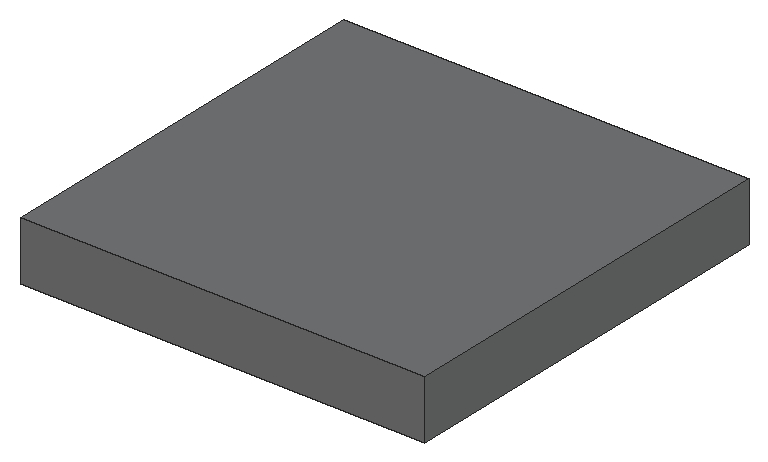
Revit family "Gira_5366600", category Electrical Fixtures, host Face, Revit 2017
Family settings
  Host = Face
  Maintain Annotation Orientation = No
  Round Connector Dimension = Use Diameter
  Part Type = Normal
  Cut with Voids When Loaded = No
  Shared = No
  Room Calculation Point = No
Parameters (values of type "S3000 blind timer + timer Display System 55 stainl.steel(lac.)")
  With LED indication = "Yes"
  URL = "http://katalog.gira.de/en/datenblatt.html?artikelnr=5366600"
  Transparent = "No"
  Suitable for application with venetian shutter switch = "Yes"
  Suitable for application with switch = "No"
  Suitable for application with dimmer = "No"
  Number of actuation points = "4"
  Name = "S3000 blind timer + timer Display System 55 stainl.steel(lac.)"
  Manufacturer URL = "https://www.gira.de/"
  Manufacturer = "Gira"
  Keynote = ""
  HeinzeBIM = "https://bimportal.heinze.de/bim/s3000-blind-timer-timer-display-system-55-stainl-steel-lac-/8676862f1f7e9f98e58c3504b14a8ab6883eff35"
  HAN = "5366600"
  GTIN = "4010337027485"
  Description = "S3000 blind tim. tim.Displ. Sys55 SSTl,System 3000 blind timer and timer Display,,stainless steel (lacquered),Features:,- Operation via capacitive sensor surface.,- Fast programming for adopting the current time as the programmed movement time switching time.,- Automatic summer winter time switchover, deactivatable.,- Switching at sunrise or sunset (astro function) adjustable for 18 countries.,- Astro time for sunrise and sunset can be individually adjusted by +-2 hours.,- The blocking function blocks operation of the auxiliary unit and deactivates automatic mode.,- The display turns off after 2 minutes, permanent display of time is possible.,- Programming of one raising and one lowering time or two switch-on and switch-off times for each day in week segments Mon-Fri and Sat+Sun."
  Default Elevation = 1219.2 mm
  Data sheet (1) = "https://katalog.gira.de/en/download.html?artikelnr=5366600"
  Category = "Intelligent control element"
  BIM (1) = "https://media.stage.bim.site/public/gira/36a6b08/Sys55_Abdeckung_Schalten und Tasten.rfa?public/gira/36a6b08/Sys55_Abdeckung_Schalten und Tasten.rfa"
  Available = "No"
  Application = "Control of electrical users"
  Anthrazit [instance] = Anthrazit
Reference planes
  plane 1 "Center (Front/Back)": y = 0
  plane 2: z = 0
  plane 3 "Center (Left/Right)": x = 0
Forms (mm)
  Extrusion 1, solid, material "Anthrazit" <- "Anthrazit", detail levels fine
    sketch origin (0, 0, 0) x (1, 0, 0) y (0, 1, 0)
      loop
        line (-27.5, 27.5) -> (-27.5, -27.5) -> (27.5, -27.5) -> (27.5, 27.5) -> (-27.5, 27.5)
    from 0 to 8
  Extrusion 2, void
    sketch origin (0, 0, 0) x (1, 0, 0) y (0, 1, 0)
      loop
        line (26, 26) -> (-26, 26) -> (-26, -26) -> (26, -26) -> (26, 26)
    from 0 to 6
  Extrusion 3, solid, material "Anthrazit" <- "Anthrazit", detail levels medium
    sketch origin (0, 0, 0) x (1, 0, 0) y (0, 1, 0)
      loop
        line (-27.5, 27.5) -> (-27.5, -27.5) -> (27.5, -27.5) -> (27.5, 27.5) -> (-27.5, 27.5)
    from 0 to 8
  Extrusion 4, solid, material "Anthrazit" <- "Anthrazit", detail levels medium
    sketch origin (0, 0, 0) x (1, 0, 0) y (0, 1, 0)
      loop
        line (11, -17.5) -> (11, 17.5) -> (-11, 17.5) -> (-11, -17.5) -> (11, -17.5)
    from -6 to 6
  Extrusion 5, solid, material "Anthrazit" <- "Anthrazit", detail levels fine
    sketch origin (0, 0, 0) x (1, 0, 0) y (0, 1, 0)
      loop
        line (11, 17.5) -> (-11, 17.5) -> (-11, 16.5) -> (11, 16.5) -> (11, 17.5)
      loop
        line (-11, -16.5) -> (-11, -17.5) -> (11, -17.5) -> (11, -16.5) -> (-11, -16.5)
    from -4 to 6
  Extrusion 6, solid, material "Anthrazit" <- "Anthrazit", detail levels fine
    sketch origin (0, 0, 0) x (1, 0, 0) y (0, 1, 0)
      loop
        arc (5, 9.347) -> (0, 10.6) -> (-5, 9.347) r 10.6
        line (-5, 9.347) -> (-5, -9.347)
        arc (-5, -9.347) -> (0, -10.6) -> (5, -9.347) r 10.6
        line (5, -9.347) -> (5, 9.347)
    from -6 to 6
  Extrusion 7, solid, material "Anthrazit" <- "Anthrazit", detail levels coarse
    sketch origin (0, 0, 0) x (1, 0, 0) y (0, 1, 0)
      loop
        line (-27.5, 27.5) -> (-27.5, -27.5) -> (27.5, -27.5) -> (27.5, 27.5) -> (-27.5, 27.5)
    from -6 to 8
Cuts and joins
  Extrusion 2 cuts Extrusion 1
Dimensions and locks
  aligned and locked: plane 2 to host face
  aligned and locked: level to host face
